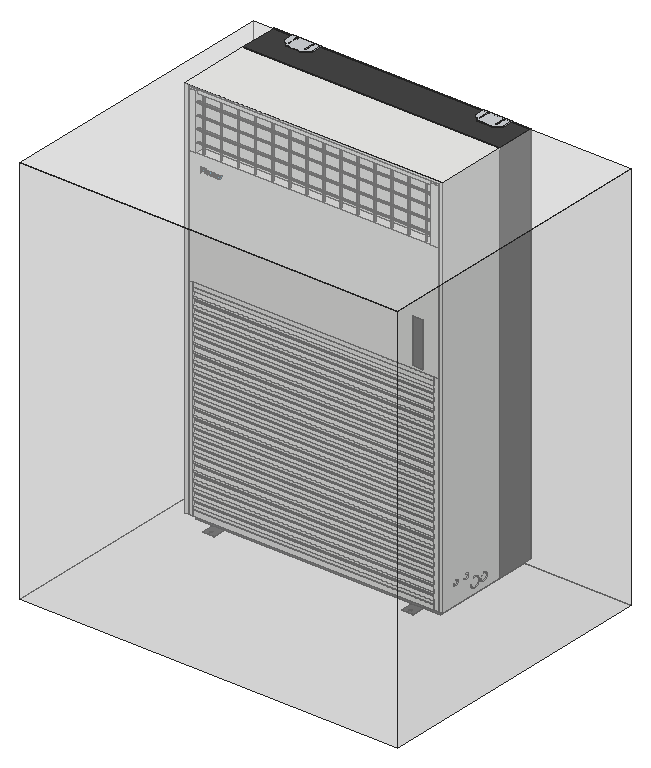
Revit family "outputfile", category 機械設備, Revit 2024
Family settings
  丸型コネクタ寸法 = 半径を使用
  パーツ タイプ = 標準
  OmniClass 番号 = 23.75.10.24.21.27.27
  OmniClass タイトル = Split System Air Conditioning Units
  作業面ベース = いいえ
  常に垂直 = はい
  ロード時にボイドで切り取り = いいえ
  注釈の向きを維持 = いいえ
  共有 = いいえ
  部屋計算ポイント = いいえ
Parameters (values of type "FVGR15PVL")
  Description = ""
  書き出し IFC クラス(タイプ) = "IfcUnitaryEquipmentType"
  定義済み IFC タイプ(タイプ) = "AIRCONDITIONINGUNIT"
  Cost = 0
  Type Comments = ""
  Keynote = ""
  Type Image = (empty or 0)
  Assembly Code = ""
  switch_frequency = yes
  lw_powersupply [instance] = if(Rear Connection_refrigerant, S + Rear_powerinput, Width / 2)  # 639.5 mm
  lw_liquidpipe [instance] = if(Rear Connection_refrigerant, S, Width / 2)  # 639.5 mm
  lw_gaspipe [instance] = if(Rear Connection_refrigerant, S + Rear_gas, Width / 2)  # 639.5 mm
  lw_drain [instance] = if(Rear Connection_refrigerant, S + Rear_drain, Width / 2)  # 639.5 mm
  lh_powersupply [instance] = if(and(Width = 1279.0 mm, Right Connection_refrigerant), 132.0 mm, if(Rear Connection_refrigerant, 83.0 mm, 82.0 mm))  # 132.0 mm
  lh_liquidpipe [instance] = if(Rear Connection_refrigerant, 83.0 mm, 132.0 mm)  # 132.0 mm
  lh_gaspipe [instance] = if(Rear Connection_refrigerant, 83.0 mm, 82.0 mm)  # 82.0 mm
  lh_drain [instance] = if(Rear Connection_refrigerant, 83.0 mm, 82.0 mm)  # 82.0 mm
  ld_powersupply [instance] = 82.0 mm  # constant formula
  ld_liquidpipe [instance] = if(Left Connection_refrigerant, 202.0 mm, 147.0 mm)  # 147.0 mm
  ld_gaspipe [instance] = 202.0 mm  # constant formula
  ld_drain [instance] = 257.0 mm  # constant formula
  l_powersupply [instance] = if(Rear Connection_refrigerant, Depth - ld_powersupply, Width / 2)  # 639.5 mm
  l_liquidpipe [instance] = if(Rear Connection_refrigerant, Depth - ld_liquidpipe, Width / 2)  # 639.5 mm
  l_gaspipe [instance] = if(Rear Connection_refrigerant, Depth - ld_gaspipe, Width / 2)  # 639.5 mm
  l_drain [instance] = if(Rear Connection_refrigerant, Depth - ld_drain, Width / 2)  # 639.5 mm
  h_mountinghole = 1.5 mm  # constant formula
  connector_voltage = Voltage_60Hz  # 220 V
  connector_powerinput = [Power Input (Cooling)]  # 14.960 kW
  connector_phase = Phase_60Hz  # 1
  URL = ""
  Rear_powerinput = if(Width = 1279.0 mm, 345.0 mm, if(Width = 1129.0 mm, 295.0 mm, 100.0 mm))  # 345.0 mm
  Rear_gas = if(Width = 959.0 mm, 300.0 mm, 100.0 mm)  # 100.0 mm
  angle_horizontal [instance] = if(Rear Connection_refrigerant, 180.00°, if(Left Connection_refrigerant, 270.00°, 90.00°))  # 90.00°
  Z = if(Width = 1279.0 mm, 50.0 mm, 0.0 mm)  # 50.0 mm
  Voltage_comment_60Hz = "220"
  Voltage_60Hz = 220 V
  S = if(or(Width = 1279.0 mm, Width = 1129.0 mm), 385.0 mm, 220.0 mm)  # 385.0 mm
  Right Connection_refrigerant [instance] = yes
  製造元 = "Daikin"
  モデル = "FVGR15PVL"
  r_Liquid Pipe Size = Liquid Pipe Size / 2  # 7.95 mm
  r_Gas Pipe Size = Gas Pipe Size / 2  # 17.45 mm
  r_Drain Pipe Size = Drain Pipe Size / 2  # 12.7 mm
  h*** = 0.0 mm  # constant formula
  Width = 1279.0 mm
  Version = "ver.1.0"
  Unit Type = "Floor Standing"
  Unit Mass Weight = 174.00 kg
  Unit Designation [instance] = ""
  Uniclass2015Version = "Products v1.30"
  Uniclass2015Title = "Split coil room air conditioning units"
  Uniclass2015Code = "Pr_70_65_03_86"
  Total Cooling Capacity [instance] = 0.000 kW
  Sound Pressure Level_M speed (dBA) = 68
  Sound Pressure Level_L speed (dBA) = 66
  Sound Pressure Level_H speed (dBA) = 69
  Sound Power Level_H speed (dB) = 0
  Series = "Package Aircon_Fan Coil Unit"
  Sensible Cooling Capacity [instance] = 0.000 kW
  Refrigerant Type = "R410A"
  Rear_drain = if(Width = 959.0 mm, 200.0 mm, 195.0 mm)  # 195.0 mm
  Rear Connection_refrigerant [instance] = no
  Power Input (Cooling) = 14.960 kW
  Phase_60Hz = 1
  Option Accessory 3 [instance] = ""
  Option Accessory 2 [instance] = ""
  Option Accessory 1 [instance] = ""
  Nominal Cooling Capacity = 44.800 kW
  Minimum External Static Pressure = 0.00 Pa
  Minimum Circuit Amps_60Hz = 0.0 A
  Minimum Airflow = 6626.00 m³/h
  Median Airflow = 6881.00 m³/h
  Maximum Fuse Amps_60Hz = 0.0 A
  Maximum External Static Pressure = 0.00 Pa
  Maximum Airflow = 7136.00 m³/h
  Material_Casing = DAIKIN_White_Casing_indoorunit
  M = if(Width = 1279.0 mm, 200.0 mm, 124.0 mm)  # 200.0 mm
  Load Classification = HVAC
  Liquid Pipe Size = 15.9 mm
  Link_Nested Family [instance] = ""
  Left Connection_refrigerant [instance] = no
  IfcVersion = ""
  IfcExportType = "AIRCONDITIONINGUNIT"
  IfcExportAs = "IfcUnitaryEquipmentType"
  Height = 1947.0 mm  # constant formula
  Heat Exchanger Type = "Cross Fin Coil"
  Gas Pipe Size = 34.9 mm
  Frequency_60Hz = 60 Hz
  Fan Type = "Sirocco Fan"
  Fan Drive = "-"
  FCU Tag No. [instance] = ""
  Drain Pipe Size = 25.4 mm
  Design Supply Airflow [instance] = 0.00 m³/h
  Design External Static Pressure [instance] = 0.00 Pa
  Depth = 550.0 mm
  既定の高さ = 0.0 mm
  Cooling Entering Wet Bulb Temperature [instance] = 0.00 °C
  Cooling Entering Dry Bulb Temperature [instance] = 0.00 °C
  Cooling Ambient Wet Bulb Temperature [instance] = 0.00 °C
  Cooling Ambient Dry Bulb Temperature [instance] = 0.00 °C
  Clearance visibility [instance] = yes
  Clearance Top = 0.0 mm
  Clearance Right [instance] = if(Right Connection_refrigerant, 500.0 mm, 100.0 mm)  # 500.0 mm
  Clearance Rear [instance] = if(Rear Connection_refrigerant, 500.0 mm, 0.0 mm)  # 0.0 mm
  Clearance Left [instance] = if(Left Connection_refrigerant, 500.0 mm, 100.0 mm)  # 100.0 mm
  Clearance Front = 900.0 mm
  Clearance Bottom = 0.0 mm
Reference planes
  plane 1: z = 0
  plane 2 "Center (Left/Right)": x = 0
  plane 3 "Center (Front/Back)": y = 157.5
  plane 4 "Front": y = -117.5
  plane 5 "Left": x = -639.5
  plane 6 "Right": x = 639.5
  plane 7 "Top": z = 1947
  plane 8: z = 1947
  plane 9: z = 0
  plane 10 "Bottom": z = 0
  plane 11 "Back": y = 432.5
  plane 12: y = 432.5
  plane 13: y = -1017.5
  plane 14: x = -739.5
  plane 15: x = 1139.5
  plane 16: z = 31
  plane 17: z = 1597
  plane 18: x = -559.5
  plane 19 "c1": x = -610
  plane 20 "c2": x = 610
  plane 21 "j2": y = 427.3
  plane 22 "j1": y = -87.7
  plane 23 "R_F": y = -35.5
  plane 24 "R_G": y = 84.5
  plane 25 "R_H": y = 139.5
  plane 26 "R_X": y = 29.5
  plane 27 "R_Y": z = 82
  plane 28 "R_Z": z = 132
  plane 29 "R_interunit wiring": z = 132
  plane 30 "M": x = 439.5
  plane 31 "S": x = -254.5
  plane 32 "背面ガス": x = -154.5
  plane 33 "背面ドレン": x = -59.5
  plane 34 "背面電源": x = 90.5
  plane 35 "lh_drain": z = 82
  plane 36 "lh_gaspipe": z = 82
  plane 37 "lh_liquidpipe": z = 132
  plane 38 "lh_powersupply": z = 132
  plane 39 "lw_liquidpipe": x = 0
  plane 40 "lw_gaspipe": x = 0
  plane 41 "lw_drain": x = 0
  plane 42 "lw_powersupply": x = 0
  plane 43 "ld_powersupply": y = -35.5
  plane 44 "ld_drain": y = 139.5
  plane 45 "ld_gaspipe": y = 84.5
  plane 46 "ld_liquidpipe": y = 29.5
Forms (mm)
  Extrusion 1, solid, material "DAIKIN_Black_logo"
    sketch origin (0, 0, 0) x (-1, 0, 0) y (0, -1, 0)
      loop
        line (639.5, -430.8) -> (639.5, -240.8) -> (-639.5, -240.8) -> (-639.5, -430.8) -> (639.5, -430.8)
    from 31 to 1947
  Extrusion 2, solid, material "DAIKIN_White_Casing_indoorunit" <- "Material_Casing"
    sketch origin (0, 0, 0) x (-1, 0, 0) y (0, -1, 0)
      loop
        line (639.5, -240.8) -> (639.5, 117.5) -> (-639.5, 117.5) -> (-639.5, -240.8) -> (639.5, -240.8)
    from 31 to 1947
  Extrusion 3, solid, material "DAIKIN_Black_logo"
    sketch origin (0, 0, 0) x (-1, 0, 0) y (0, -1, 0)
      loop
        line (639.5, -432.5) -> (639.5, -430.8) -> (-639.5, -430.8) -> (-639.5, -432.5) -> (639.5, -432.5)
    from 31 to 1071
  Extrusion 4, solid, material "DAIKIN_Black_logo"
    sketch origin (0, 0, 0) x (-1, 0, 0) y (0, -1, 0)
      loop
        line (639.5, -432.5) -> (639.5, -430.8) -> (-639.5, -430.8) -> (-639.5, -432.5) -> (639.5, -432.5)
    from 1071 to 1947
  Extrusion 5, void
    sketch origin (0, -117.5, 0) x (-1, 0, 0) y (0, 0, 1)
      loop
        line (622.5, 1939.2) -> (-622.5, 1939.2) -> (-622.5, 31) -> (622.5, 31) -> (622.5, 1939.2)
    from 0 to 50
  Extrusion 6, solid, material "DAIKIN_Black_logo"
    sketch origin (0, 0, 0) x (-1, 0, 0) y (0, -1, 0)
      loop
        line (610, -427.3) -> (610, 87.7) -> (-610, 87.7) -> (-610, -427.3) -> (610, -427.3)
    from 0 to 31
  Extrusion 7, solid, material "DAIKIN_White_Casing_indoorunit" <- "Material_Casing"
    sketch origin (639.5, 0, 0) x (0, 1, 0) y (0, 0, 1)
      loop
        circle (29.5, 132) r 12.7
      loop
        circle (29.5, 132) r 11.5
    from 0 to -2
  Extrusion 8, solid, material "DAIKIN_White_Casing_indoorunit" <- "Material_Casing"
    sketch origin (639.5, 0, 0) x (0, 1, 0) y (0, 0, 1)
      loop
        circle (84.5, 82) r 25.4
      loop
        circle (84.5, 82) r 24.2
    from 0 to -3
  Extrusion 9, solid, material "DAIKIN_White_Casing_indoorunit" <- "Material_Casing"
    sketch origin (639.5, 0, 0) x (0, 1, 0) y (0, 0, 1)
      loop
        circle (139.5, 82) r 19.05
      loop
        circle (139.5, 82) r 17.85
    from 0 to -3
  Extrusion 10, solid, material "DAIKIN_White_Casing_indoorunit" <- "Material_Casing"
    sketch origin (639.5, 0, 0) x (0, 1, 0) y (0, 0, 1)
      loop
        circle (-35.5, 132) r 12.7
      loop
        circle (-35.5, 132) r 11.5
    from 0 to -3
  Extrusion 11, solid, material "DAIKIN_White_Casing_indoorunit" <- "Material_Casing"
    sketch origin (-639.5, 0, 0) x (0, 1, 0) y (0, 0, 1)
      loop
        circle (84.5, 132) r 12.7
      loop
        circle (84.5, 132) r 11.5
    from 0 to 3
  Extrusion 12, solid, material "DAIKIN_White_Casing_indoorunit" <- "Material_Casing"
    sketch origin (-639.5, 0, 0) x (0, 1, 0) y (0, 0, 1)
      loop
        circle (84.5, 82) r 25.4
      loop
        circle (84.5, 82) r 24.2
    from 0 to 3
  Extrusion 13, solid, material "DAIKIN_White_Casing_indoorunit" <- "Material_Casing"
    sketch origin (-639.5, 0, 0) x (0, 1, 0) y (0, 0, 1)
      loop
        circle (139.5, 82) r 19.05
      loop
        circle (139.5, 82) r 17.85
    from 0 to 3
  Extrusion 14, solid, material "DAIKIN_White_Casing_indoorunit"
    sketch origin (-639.5, 0, 0) x (0, 1, 0) y (0, 0, 1)
      loop
        circle (-35.5, 82) r 12.7
      loop
        circle (-35.5, 82) r 11.5
    from 0 to 3
  Extrusion 15, solid, material "DAIKIN_White_Casing_indoorunit"
    sketch origin (0, 432.5, 0) x (-1, 0, 0) y (0, 0, 1)
      loop
        line (-439.5, 182) -> (-439.5, 82) -> (-214.5, 82) -> (-214.5, 182) -> (-439.5, 182)
    from 0 to -1.7
  Extrusion 16, solid, material "DAIKIN_White_Casing_indoorunit" <- "Material_Casing"
    sketch origin (0, 432.5, 0) x (-1, 0, 0) y (0, 0, 1)
      loop
        circle (254.5, 83) r 12.7
      loop
        circle (254.5, 83) r 11.5
    from 0 to -1.7
  Extrusion 17, solid, material "DAIKIN_White_Casing_indoorunit" <- "Material_Casing"
    sketch origin (0, 432.5, 0) x (-1, 0, 0) y (0, 0, 1)
      loop
        circle (154.5, 83) r 25.4
      loop
        circle (154.5, 83) r 24.2
    from 0 to -1.7
  Extrusion 18, solid, material "DAIKIN_White_Casing_indoorunit" <- "Material_Casing"
    sketch origin (0, 432.5, 0) x (-1, 0, 0) y (0, 0, 1)
      loop
        circle (59.5, 83) r 19.05
      loop
        circle (59.5, 83) r 17.85
    from 0 to -1.7
  Extrusion 19, solid, material "DAIKIN_White_Casing_indoorunit" <- "Material_Casing"
    sketch origin (0, 432.5, 0) x (-1, 0, 0) y (0, 0, 1)
      loop
        circle (-90.5, 83) r 12.7
      loop
        circle (-90.5, 83) r 11.473
    from 0 to -1.7
Cuts and joins
  Extrusion 5 cuts Extrusion 2
Dimensions and locks
  "h***": plane 10 "Bottom" to plane 1
  "Clearance Bottom": plane 10 "Bottom" to plane 9
  "Height": plane 7 "Top" to plane 10 "Bottom"
  "Clearance Top": plane 8 to plane 7 "Top"
  equal spacing: plane 11 "Back", plane 3 "Center (Front/Back)", plane 4 "Front"
  "Depth": plane 11 "Back" to plane 4 "Front"
  "Clearance Rear": plane 12 to plane 11 "Back"
  "Clearance Front": plane 4 "Front" to plane 13
  "Clearance Left": plane 14 to plane 5 "Left"
  "Clearance Right": plane 6 "Right" to plane 15
  equal spacing: plane 5 "Left", plane 2 "Center (Left/Right)", plane 6 "Right"
  "Width": plane 5 "Left" to plane 6 "Right"
  locked: plane 11 "Back" to Extrusion 1 sketch curve at 191.7
  locked: Extrusion 1 sketch curve to Extrusion 1 sketch curve at 190
  locked: plane 16 to plane 10 "Bottom" at 31
  Extrusion 5 sketch curve to plane 5 "Left" = 17.0 mm
  plane 6 "Right" to Extrusion 5 sketch curve = 17.0 mm
  plane 7 "Top" to Extrusion 5 sketch curve = 7.8 mm
  locked: plane 7 "Top" to plane 17 at 350
  locked: plane 18 to plane 5 "Left" at 80
  locked: plane 21 "j2" to plane 11 "Back" at 5.2
  locked: plane 4 "Front" to plane 22 "j1" at 29.8
  locked: plane 20 "c2" to plane 6 "Right" at 29.5
  locked: plane 5 "Left" to plane 19 "c1" at 29.5
  locked: plane 4 "Front" to plane 23 "R_F" at 82
  locked: plane 23 "R_F" to plane 24 "R_G" at 120
  locked: plane 24 "R_G" to plane 25 "R_H" at 55
  locked: plane 4 "Front" to plane 26 "R_X" at 147
  locked: plane 27 "R_Y" to plane 10 "Bottom" at 82
  locked: plane 28 "R_Z" to plane 27 "R_Y" at 50
  "Z": plane 29 "R_interunit wiring" to plane 27 "R_Y"
  "M": plane 6 "Right" to plane 30 "M"
  locked: Extrusion 15 sketch curve to Extrusion 15 sketch curve at 225
  locked: plane 10 "Bottom" to Extrusion 15 sketch curve at 82
  locked: Extrusion 15 sketch curve to Extrusion 15 sketch curve at 100
  "S": plane 31 "S" to plane 5 "Left"
  locked: plane 16 to Extrusion 16 sketch curve at 52  (x2)
  "Rear_gas": plane 31 "S" to plane 32 "背面ガス"
  locked: plane 16 to Extrusion 17 sketch curve at 52
  "Rear_drain": plane 33 "背面ドレン" to plane 31 "S"
  locked: plane 16 to Extrusion 18 sketch curve at 52  (x2)
  "Rear_powerinput": plane 31 "S" to plane 34 "背面電源"
  locked: plane 16 to Extrusion 19 sketch curve at 52  (x2)
  "lh_liquidpipe": plane 37 "lh_liquidpipe" to plane 10 "Bottom"
  "lh_gaspipe": plane 36 "lh_gaspipe" to plane 10 "Bottom"
  "lh_drain": plane 35 "lh_drain" to plane 10 "Bottom"
  "lh_powersupply": plane 38 "lh_powersupply" to plane 10 "Bottom"
  "lw_liquidpipe": plane 5 "Left" to plane 39 "lw_liquidpipe"
  "lw_gaspipe": plane 5 "Left" to plane 40 "lw_gaspipe"
  "lw_drain": plane 5 "Left" to plane 41 "lw_drain"
  "lw_powersupply": plane 5 "Left" to plane 42 "lw_powersupply"
  "ld_liquidpipe": plane 46 "ld_liquidpipe" to plane 4 "Front"
  "ld_gaspipe": plane 45 "ld_gaspipe" to plane 4 "Front"
  "ld_drain": plane 44 "ld_drain" to plane 4 "Front"
  "ld_powersupply": plane 43 "ld_powersupply" to plane 4 "Front"
  aligned and locked: level to plane 1
  aligned and locked: plane 8 to nested 1
  aligned and locked: plane 9 to nested 1
  aligned and locked: plane 12 to nested 1
  aligned and locked: nested 1 to plane 13
  aligned and locked: plane 14 to nested 1
  aligned and locked: plane 15 to nested 1
  aligned and locked: plane 5 "Left" to Extrusion 1 sketch curve
  aligned and locked: Extrusion 1 sketch curve to plane 6 "Right"
  aligned and locked: plane 7 "Top" to Extrusion 1
  aligned and locked: Extrusion 1 to plane 16
  aligned and locked: Extrusion 2 sketch curve to Extrusion 1
  aligned and locked: plane 5 "Left" to Extrusion 2 sketch curve
  aligned and locked: Extrusion 2 sketch curve to plane 6 "Right"
  aligned and locked: plane 4 "Front" to Extrusion 2 sketch curve
  aligned and locked: Extrusion 2 to plane 16
  aligned and locked: plane 7 "Top" to Extrusion 2
  aligned and locked: plane 5 "Left" to Extrusion 3 sketch curve
  aligned and locked: Extrusion 3 sketch curve to plane 6 "Right"
  aligned and locked: Extrusion 3 sketch curve to plane 11 "Back"
  aligned and locked: Extrusion 3 sketch curve to Extrusion 1
  aligned and locked: Extrusion 3 to plane 16
  aligned and locked: Extrusion 4 sketch curve to plane 11 "Back"
  aligned and locked: Extrusion 4 sketch curve to plane 5 "Left"
  aligned and locked: plane 6 "Right" to Extrusion 4 sketch curve
  aligned and locked: Extrusion 4 sketch curve to Extrusion 3
  aligned and locked: plane 7 "Top" to Extrusion 4
  aligned and locked: plane 4 "Front" to nested 2
  aligned and locked: plane 2 "Center (Left/Right)" to nested 2
  aligned and locked: plane 10 "Bottom" to nested 2
  aligned and locked: plane 16 to Extrusion 5 sketch curve
  aligned and locked: nested 3 to plane 4 "Front"
  aligned and locked: plane 17 to nested 3
  aligned and locked: plane 18 to nested 3
  aligned and locked: Extrusion 6 sketch curve to plane 21 "j2"
  aligned and locked: Extrusion 6 sketch curve to plane 19 "c1"
  aligned and locked: plane 20 "c2" to Extrusion 6 sketch curve
  aligned and locked: plane 22 "j1" to Extrusion 6 sketch curve
  aligned and locked: plane 16 to Extrusion 6
  aligned and locked: Extrusion 6 to plane 10 "Bottom"
  aligned and locked: nested 4 to plane 3 "Center (Front/Back)"
  aligned and locked: plane 2 "Center (Left/Right)" to nested 4
  aligned and locked: plane 10 "Bottom" to nested 4
  aligned and locked: plane 28 "R_Z" to Extrusion 7 sketch curve  (x2)
  aligned and locked: Extrusion 7 sketch curve to plane 26 "R_X"  (x2)
  aligned and locked: Extrusion 8 sketch curve to plane 24 "R_G"
  aligned and locked: plane 27 "R_Y" to Extrusion 8 sketch curve
  aligned and locked: Extrusion 9 sketch curve to plane 25 "R_H"  (x2)
  aligned and locked: plane 27 "R_Y" to Extrusion 9 sketch curve  (x2)
  aligned and locked: Extrusion 10 sketch curve to plane 23 "R_F"  (x2)
  aligned and locked: plane 29 "R_interunit wiring" to Extrusion 10 sketch curve  (x2)
  aligned and locked: plane 28 "R_Z" to Extrusion 11 sketch curve  (x2)
  aligned and locked: plane 24 "R_G" to Extrusion 11 sketch curve  (x2)
  aligned and locked: plane 24 "R_G" to Extrusion 12 sketch curve
  aligned and locked: plane 27 "R_Y" to Extrusion 12 sketch curve
  aligned and locked: plane 25 "R_H" to Extrusion 13 sketch curve  (x2)
  aligned and locked: plane 27 "R_Y" to Extrusion 13 sketch curve  (x2)
  aligned and locked: plane 23 "R_F" to Extrusion 14 sketch curve  (x2)
  aligned and locked: plane 27 "R_Y" to Extrusion 14 sketch curve  (x2)
  aligned and locked: Extrusion 15 sketch curve to plane 30 "M"
  aligned and locked: plane 31 "S" to Extrusion 16 sketch curve  (x2)
  aligned and locked: Extrusion 17 sketch curve to plane 32 "背面ガス"  (x2)
  aligned and locked: Extrusion 18 sketch curve to plane 33 "背面ドレン"  (x2)
  aligned and locked: Extrusion 19 sketch curve to plane 34 "背面電源"  (x2)
  aligned and locked: nested 10 to plane 40 "lw_gaspipe"
  aligned and locked: nested 12 to plane 42 "lw_powersupply"
  aligned and locked: nested 11 to plane 41 "lw_drain"
  aligned and locked: nested 9 to plane 39 "lw_liquidpipe"
  aligned and locked: nested 9 to plane 46 "ld_liquidpipe"
  aligned and locked: nested 10 to plane 45 "ld_gaspipe"
  aligned and locked: nested 11 to plane 44 "ld_drain"
  aligned and locked: nested 12 to plane 43 "ld_powersupply"
  aligned and locked: nested 13 to plane 11 "Back"
  aligned and locked: plane 2 "Center (Left/Right)" to nested 13
  aligned and locked: plane 7 "Top" to nested 13
Automatic sketch dimensions
  Extrusion 8 sketch curve to Extrusion 8 sketch curve = 0.0 mm  (x2)
  Extrusion 12 sketch curve to Extrusion 12 sketch curve = 0.0 mm  (x2)
  Extrusion 17 sketch curve to Extrusion 17 sketch curve = 0.0 mm
  radius of Extrusion 7 sketch curve = 12.7 mm
  radius of Extrusion 7 sketch curve = 11.5 mm
  radius of Extrusion 8 sketch curve = 25.4 mm
  radius of Extrusion 8 sketch curve = 24.2 mm
  radius of Extrusion 9 sketch curve = 19.05 mm
  radius of Extrusion 9 sketch curve = 17.85 mm
  radius of Extrusion 10 sketch curve = 12.7 mm
  radius of Extrusion 10 sketch curve = 11.5 mm
  radius of Extrusion 11 sketch curve = 12.7 mm
  radius of Extrusion 11 sketch curve = 11.5 mm
  radius of Extrusion 12 sketch curve = 25.4 mm
  radius of Extrusion 12 sketch curve = 24.2 mm
  radius of Extrusion 13 sketch curve = 19.05 mm
  radius of Extrusion 13 sketch curve = 17.85 mm
  radius of Extrusion 14 sketch curve = 12.7 mm
  radius of Extrusion 14 sketch curve = 11.5 mm
  radius of Extrusion 16 sketch curve = 12.7 mm
  radius of Extrusion 16 sketch curve = 11.5 mm
  radius of Extrusion 17 sketch curve = 25.4 mm
  radius of Extrusion 17 sketch curve = 24.2 mm
  radius of Extrusion 18 sketch curve = 19.05 mm
  radius of Extrusion 18 sketch curve = 17.85 mm
  radius of Extrusion 19 sketch curve = 12.7 mm
  radius of Extrusion 19 sketch curve = 11.473 mm
Nested families
  nested 1: "daikin_clearancespace" at (200, -292.5, 973.619), visible <- "Clearance visibility", show <- "Clearance visibility", Link_Nested Family <- "Link_Nested Family", type "daikin_clearancespace"
    with width 1879.0 mm, show yes, height 1947.0 mm, depth 1450.0 mm, Link_Nested Family ""
  nested 2: "daikin_round flow_panel" at (0, -67.5, 0), type "daikin_round flow_panel"
    with n 14, a 85.0 mm, A 1279.0 mm
  nested 3: "daikin_logo_elevation_w100" at (-494.5, -117.5, 1572), type "daikin_logo_elevation_w100"
    with show_logo yes
  nested 4: "daikin_unit monting plae" at (0, 157.5, 0), type "daikin_unit monting plae"
    with u 145.0 mm, W 550.0 mm, U 990.0 mm, A 1279.0 mm
  nested 5: "daikin_mountinghole" at (-494.5, 477.3, 0), type "daikin_mountinghole"
    with show yes, l_antenna 1946.5 mm, h_mountinghole 1.5 mm, Link_Nested Family ""
  nested 6: "daikin_mountinghole" at (-494.5, -137.7, 0), type "daikin_mountinghole"
    with show yes, l_antenna 1946.5 mm, h_mountinghole 1.5 mm, Link_Nested Family ""
  nested 7: "daikin_mountinghole" at (495.5, -137.7, 0), type "daikin_mountinghole"
    with show yes, l_antenna 1946.5 mm, h_mountinghole 1.5 mm, Link_Nested Family ""
  nested 8: "daikin_mountinghole" at (495.5, 477.3, 0), type "daikin_mountinghole"
    with show yes, l_antenna 1946.5 mm, h_mountinghole 1.5 mm, Link_Nested Family ""
  nested 9: "daikin_connector_rotate3" at (0, 29.5, 132), radius <- "r_Liquid Pipe Size", angle_horizontal <- "angle_horizontal", length <- "l_liquidpipe", type "*"
    with radius 7.95 mm, length 639.5 mm, angle_vertical 90.00°, angle_horizontal 90.00°, show_line no, show_face no
  nested 10: "daikin_connector_rotate3" at (0, 84.5, 82), radius <- "r_Gas Pipe Size", angle_horizontal <- "angle_horizontal", length <- "l_gaspipe", type "*"
    with radius 17.45 mm, length 639.5 mm, angle_vertical 90.00°, angle_horizontal 90.00°, show_line no, show_face no
  nested 11: "daikin_connector_rotate3" at (0, 139.5, 82), radius <- "r_Drain Pipe Size", angle_horizontal <- "angle_horizontal", length <- "l_drain", type "*"
    with radius 12.7 mm, length 639.5 mm, angle_vertical 90.00°, angle_horizontal 90.00°, show_line no, show_face no
  nested 12: "daikin_connector_rotate3" at (0, -35.5, 132), angle_horizontal <- "angle_horizontal", length <- "l_powersupply", type "*"
    with radius 12.7 mm, length 639.5 mm, angle_vertical 90.00°, angle_horizontal 90.00°, show_line no, show_face no
  nested 13: "daikin_wall monting plae" at (0, 432.5, 1947), type "daikin_wall monting plae"
    with U 950.0 mm, A 1279.0 mm
Connectors
  piping at (639.5, 29.5, 132), diameter 15.9, driven by "r_Liquid Pipe Size"
    settings: on nested 9, index 1, connector inside diameter 609.6 mm, connector length 0.0 mm, flow factor 0, pipe flow 0.00 m³/h, pressure drop 0.0 Pa, fitting loss kfactor 0, connector angle 0.00°, fixture units 0, engagement length 0.0 mm, angle of deflection 0.00°, flow configuration 1, flow direction 1, fitting loss method 0, system type 29, joint type 0, gender type 0, connector reference index -1, connector utility 0, adjustable connector no, is connector primary yes, connector description "Refrigerant Liquid Piping"
  piping at (639.5, 84.5, 82), diameter 34.9, driven by "r_Gas Pipe Size"
    settings: on nested 10, index 2, connector inside diameter 609.6 mm, connector length 0.0 mm, flow factor 0, pipe flow 0.00 m³/h, pressure drop 0.0 Pa, fitting loss kfactor 0, connector angle 0.00°, fixture units 0, engagement length 0.0 mm, angle of deflection 0.00°, flow configuration 1, flow direction 2, fitting loss method 0, system type 29, joint type 0, gender type 0, connector reference index -1, connector utility 0, adjustable connector no, is connector primary no, connector description "Refrigerant Gas Piping"
  piping at (639.5, 139.5, 82), diameter 25.4, driven by "r_Drain Pipe Size"
    settings: on nested 11, index 3, connector inside diameter 609.6 mm, connector length 0.0 mm, flow factor 0, pipe flow 0.00 m³/h, pressure drop 0.0 Pa, fitting loss kfactor 0, connector angle 0.00°, fixture units 0, engagement length 0.0 mm, angle of deflection 0.00°, flow configuration 1, flow direction 2, fitting loss method 4, system type 16, joint type 0, gender type 0, connector reference index -1, connector utility 0, adjustable connector no, is connector primary no, connector description "Condensate Drain Piping"
  electrical at (639.5, -35.5, 132), driven by "connector_phase", driven by "Load Classification", driven by "connector_voltage", driven by "connector_powerinput"
    settings: on nested 12, index 4, voltage 220 V, apparent load 14960 VA, apparent load phase1 0 VA, apparent load phase2 0 VA, apparent load phase3 0 VA, power factor 1, load classification "HVAC", number of poles 1, system type 30, power factor state 1, is connector primary yes, connector utility no, sub classification motor no, connector description "Power Supply"
Definition of nested family "daikin_clearancespace"
  Parameters (values of type "daikin_clearancespace")
    Description = "daikin_clearancespace"
    width [instance] = 1823.963 mm
    show [instance] = yes
    material = none
    height [instance] = 1359.762 mm
    depth [instance] = 880.0 mm
    Default Elevation = 0.0 mm
    Link_Nested Family [instance] = ""
  Reference planes
    plane 1 "Center (Front/Back)": y = 0
    plane 2 "Center (Elevation)": z = -0.119
    plane 3 "Center (Left/Right)": x = 0
    plane 4: y = 440
    plane 5: y = -440
    plane 6 "Right": x = 911.982
    plane 7 "Left": x = -911.982
    plane 8 "Top": z = 679.762
    plane 9 "Bottom": z = -680
  Forms (mm)
    Extrusion 1, solid, material <- "material", visible <- "show"
      sketch origin (0, 0, 0) x (1, 0, 0) y (0, 1, 0)
        loop
          line (-911.982, 440) -> (-911.982, -440) -> (911.982, -440) -> (911.982, 440) -> (-911.982, 440)
      from -680 to 679.762
  Lines and regions (mm)
    symbolic lines, visible <- "show"
      curve 1: line (911.982, 440, 0) -> (-911.982, 440, 0)
      curve 2: line (-911.982, 440, 0) -> (-911.982, -440, 0)
      curve 3: line (-911.982, -440, 0) -> (911.982, -440, 0)
      curve 4: line (911.982, -440, 0) -> (911.982, 440, 0)
      curve 5: line (911.982, 0, 679.762) -> (-911.982, 0, 679.762)
      curve 6: line (911.982, 0, -680) -> (911.982, 0, 679.762)
      curve 7: line (-911.982, 0, -680) -> (911.982, 0, -680)
      curve 8: line (-911.982, 0, 679.762) -> (-911.982, 0, -680)
      curve 9: line (0, 440, 679.762) -> (0, -440, 679.762)
      curve 10: line (0, -440, 679.762) -> (0, -440, -680)
      curve 11: line (0, 440, -680) -> (0, 440, 679.762)
      curve 12: line (0, -440, -680) -> (0, 440, -680)
  Dimensions and locks
    "width": plane 7 "Left" to plane 6 "Right"
    "depth": plane 4 to plane 5
    "height": plane 8 "Top" to plane 9 "Bottom"
    equal spacing: plane 7 "Left", plane 3 "Center (Left/Right)", plane 6 "Right"
    equal spacing: plane 4, plane 1 "Center (Front/Back)", plane 5
    equal spacing: plane 8 "Top", plane 2 "Center (Elevation)", plane 9 "Bottom"
    aligned and locked: level to plane 2 "Center (Elevation)"
    aligned and locked: Extrusion 1 sketch curve to plane 4
    aligned and locked: plane 7 "Left" to Extrusion 1 sketch curve
    aligned and locked: Extrusion 1 sketch curve to plane 5
    aligned and locked: Extrusion 1 sketch curve to plane 6 "Right"
    aligned and locked: plane 8 "Top" to Extrusion 1
    aligned and locked: curve 1 to Extrusion 1
    aligned and locked: curve 2 to Extrusion 1
    aligned and locked: curve 3 to Extrusion 1
    aligned and locked: curve 4 to Extrusion 1
    aligned and locked: curve 5 to Extrusion 1
    aligned and locked: curve 6 to Extrusion 1
    aligned and locked: curve 7 to Extrusion 1
    aligned and locked: curve 8 to Extrusion 1
    aligned and locked: curve 9 to Extrusion 1
    aligned and locked: curve 10 to Extrusion 1
    aligned and locked: curve 11 to Extrusion 1
    aligned and locked: curve 12 to Extrusion 1
    aligned and locked: Extrusion 1 to plane 9 "Bottom"
Definition of nested family "daikin_round flow_panel"
  Parameters (values of type "daikin_round flow_panel")
    n = if(A = 1129.0 mm, 12, if(A = 1279.0 mm, 14, 10))  # 10
    material = none
    a = if(A = 1279.0 mm, 85.0 mm, 95.0 mm)  # 95.0 mm
    E = 1071.0 mm  # constant formula
    Default Elevation = 0.0 mm
    D = 581.0 mm  # constant formula
    B = 1947.0 mm  # constant formula
    A = 959.0 mm
  Reference planes
    plane 1 "Center (Front/Back)": y = 0
    plane 2: z = 0
    plane 3 "Center (Left/Right)": x = 0
    plane 4: z = 31
    plane 5: z = 1071
    plane 6: z = 1652
    plane 7: z = 1947
    plane 8: x = -479.5
    plane 9: x = 479.5
    plane 10: y = -50
    plane 11: x = -462.5
    plane 12: x = 462.5
    plane 13: z = 1939.2
    plane 14: x = -384.5
    plane 15: y = -44
    plane 16: y = -50
    plane 17: x = -299.5
    plane 18: x = -299.5
    plane 19: y = -44
    plane 20: y = -50
    plane 21: x = -214.5
    plane 22: x = -214.5
    plane 23: y = -44
    plane 24: y = -50
    plane 25: x = -129.5
    plane 26: x = -129.5
    plane 27: y = -44
    plane 28: y = -50
    plane 29: x = -44.5
    plane 30: x = -44.5
    plane 31: y = -44
    plane 32: y = -50
    plane 33: x = 40.5
    plane 34: x = 40.5
    plane 35: y = -44
    plane 36: y = -50
    plane 37: x = 125.5
    plane 38: x = 125.5
    plane 39: y = -44
    plane 40: y = -50
    plane 41: x = 210.5
    plane 42: x = 210.5
    plane 43: y = -44
    plane 44: y = -50
    plane 45: x = 295.5
    plane 46: x = 295.5
    plane 47: y = -44
    plane 48: y = -50
    plane 49: x = 380.5
    plane 50: x = 380.5
    plane 51: y = -44
    plane 52: y = -50
    plane 53: x = 465.5
  Forms (mm)
    Extrusion 1, solid, material <- "material"
      sketch origin (0, 0, 0) x (1, 0, 0) y (0, 0, 1)
        loop
          line (-462.5, 1652) -> (-462.5, 1071) -> (462.5, 1071) -> (462.5, 1652) -> (-462.5, 1652)
        loop
          line (331.5, 1306) -> (331.5, 1084) -> (383.5, 1084) -> (383.5, 1306) -> (331.5, 1306)
      from 0 to 50
    Extrusion 2, solid
      sketch origin (0, 0, 0) x (1, 0, 0) y (0, 0, 1)
        loop
          line (331.5, 1306) -> (331.5, 1084) -> (383.5, 1084) -> (383.5, 1306) -> (331.5, 1306)
      from 0 to 50
    Extrusion 3, solid, material <- "material"
      sketch origin (0, 0, 0) x (1, 0, 0) y (0, 0, 1)
        loop
          line (-462.5, 1929.9) -> (-462.5, 1652) -> (-424.7, 1652) -> (-424.7, 1929.9) -> (-462.5, 1929.9)
        loop
          line (424.7, 1929.9) -> (424.7, 1652) -> (462.5, 1652) -> (462.5, 1929.9) -> (424.7, 1929.9)
      from 0 to 50
    Extrusion 4, solid, material <- "material"
      sketch origin (0, 0, 0) x (1, 0, 0) y (0, 0, 1)
        loop
          line (-462.5, 1939.2) -> (-462.5, 1921.2) -> (462.5, 1921.2) -> (462.5, 1939.2) -> (-462.5, 1939.2)
      from 0 to 48.3
    Extrusion 5, solid
      sketch origin (-328.229, -1524, 1652) x (-1, 0, 0) y (0, -1, 0)
        loop
          line (56.271, -1486) -> (56.271, -1480) -> (52.271, -1480) -> (52.271, -1486) -> (56.271, -1486)
      from 0 to 269.2
    Extrusion 6, solid
      sketch origin (-243.229, -1524, 1652) x (-1, 0, 0) y (0, -1, 0)
        loop
          line (56.271, -1486) -> (56.271, -1480) -> (52.271, -1480) -> (52.271, -1486) -> (56.271, -1486)
      from 0 to 269.2
    Extrusion 7, solid
      sketch origin (-158.229, -1524, 1652) x (-1, 0, 0) y (0, -1, 0)
        loop
          line (56.271, -1486) -> (56.271, -1480) -> (52.271, -1480) -> (52.271, -1486) -> (56.271, -1486)
      from 0 to 269.2
    Extrusion 8, solid
      sketch origin (-73.229, -1524, 1652) x (-1, 0, 0) y (0, -1, 0)
        loop
          line (56.271, -1486) -> (56.271, -1480) -> (52.271, -1480) -> (52.271, -1486) -> (56.271, -1486)
      from 0 to 269.2
    Extrusion 9, solid
      sketch origin (11.771, -1524, 1652) x (-1, 0, 0) y (0, -1, 0)
        loop
          line (56.271, -1486) -> (56.271, -1480) -> (52.271, -1480) -> (52.271, -1486) -> (56.271, -1486)
      from 0 to 269.2
    Extrusion 10, solid
      sketch origin (96.771, -1524, 1652) x (-1, 0, 0) y (0, -1, 0)
        loop
          line (56.271, -1486) -> (56.271, -1480) -> (52.271, -1480) -> (52.271, -1486) -> (56.271, -1486)
      from 0 to 269.2
    Extrusion 11, solid
      sketch origin (181.771, -1524, 1652) x (-1, 0, 0) y (0, -1, 0)
        loop
          line (56.271, -1486) -> (56.271, -1480) -> (52.271, -1480) -> (52.271, -1486) -> (56.271, -1486)
      from 0 to 269.2
    Extrusion 12, solid
      sketch origin (266.771, -1524, 1652) x (-1, 0, 0) y (0, -1, 0)
        loop
          line (56.271, -1486) -> (56.271, -1480) -> (52.271, -1480) -> (52.271, -1486) -> (56.271, -1486)
      from 0 to 269.2
    Extrusion 13, solid
      sketch origin (351.771, -1524, 1652) x (-1, 0, 0) y (0, -1, 0)
        loop
          line (56.271, -1486) -> (56.271, -1480) -> (52.271, -1480) -> (52.271, -1486) -> (56.271, -1486)
      from 0 to 269.2
    Extrusion 14, solid
      sketch origin (436.771, -1524, 1652) x (-1, 0, 0) y (0, -1, 0)
        loop
          line (56.271, -1486) -> (56.271, -1480) -> (52.271, -1480) -> (52.271, -1486) -> (56.271, -1486)
      from 0 to 269.2
    Extrusion 15, solid
      sketch origin (0, 0, 0) x (0, 1, 0) y (0, 0, 1)
        loop
          line (-48.3, 1700.201) -> (-48.3, 1697.519) -> (-44, 1693.61) -> (-44, 1704.11) -> (-48.3, 1700.201)
        loop
          line (-48.3, 1760.201) -> (-48.3, 1757.519) -> (-44, 1753.61) -> (-44, 1764.11) -> (-48.3, 1760.201)
        loop
          line (-48.3, 1820.201) -> (-48.3, 1817.519) -> (-44, 1813.61) -> (-44, 1824.11) -> (-48.3, 1820.201)
        loop
          line (-48.3, 1880.201) -> (-48.3, 1877.519) -> (-44, 1873.61) -> (-44, 1884.11) -> (-48.3, 1880.201)
      from -424.7 to 424.7
    Extrusion 16, solid, material <- "material"
      sketch origin (0, 0, 0) x (1, 0, 0) y (0, 0, 1)
        loop
          line (-462.5, 1071) -> (-462.5, 31) -> (-439.5, 31) -> (-439.5, 1071) -> (-462.5, 1071)
        loop
          line (462.5, 1071) -> (439.5, 1071) -> (439.5, 31) -> (462.5, 31) -> (462.5, 1071)
      from 0 to 50
    Extrusion 17, solid, material <- "material"
      sketch origin (0, 0, 0) x (1, 0, 0) y (0, 0, 1)
        loop
          line (-439.5, 1071) -> (-439.5, 1052.4) -> (439.5, 1052.4) -> (439.5, 1071) -> (-439.5, 1071)
        loop
          line (-439.5, 55) -> (-439.5, 31) -> (439.5, 31) -> (439.5, 55) -> (-439.5, 55)
      from 0 to 50
    Extrusion 18, solid, material <- "material"
      sketch origin (0, 0, 0) x (1, 0, 0) y (0, 1, 0)
        loop
          line (-20, -44) -> (0, -44) -> (0, -38) -> (-20, -38) -> (-20, -44)
      from 55 to 1052.4
    Extrusion 19, solid, material <- "material"
      sketch origin (0, 0, 0) x (1, 0, 0) y (0, 1, 0)
        loop
          line (0, -38) -> (0, -44) -> (20, -44) -> (20, -38) -> (0, -38)
      from 55 to 1052.4
    Extrusion 20, solid, material <- "material"
      sketch origin (4267.2, -50, 94) x (0, 0, 1) y (1, 0, 0)
        loop
          line (958.4, -4706.7) -> (958.4, -3827.7) -> (936.9, -3827.7) -> (936.9, -4706.7) -> (958.4, -4706.7)
      from 6 to 0
    Extrusion 21, solid, material <- "material"
      sketch origin (0, 0, 0) x (0, 1, 0) y (0, 0, 1)
        loop
          line (-47, 93.8) -> (-47, 90.8) -> (-50, 73) -> (-50, 61) -> (-44, 61) -> (-44, 93.8) -> (-47, 93.8)
        loop
          line (-47, 134.6) -> (-47, 131.6) -> (-50, 113.8) -> (-50, 101.8) -> (-44, 101.8) -> (-44, 134.6) -> (-47, 134.6)
        loop
          line (-47, 175.4) -> (-47, 172.4) -> (-50, 154.6) -> (-50, 142.6) -> (-44, 142.6) -> (-44, 175.4) -> (-47, 175.4)
        loop
          line (-47, 216.2) -> (-47, 213.2) -> (-50, 195.4) -> (-50, 183.4) -> (-44, 183.4) -> (-44, 216.2) -> (-47, 216.2)
        loop
          line (-47, 257) -> (-47, 254) -> (-50, 236.2) -> (-50, 224.2) -> (-44, 224.2) -> (-44, 257) -> (-47, 257)
        loop
          line (-47, 297.8) -> (-47, 294.8) -> (-50, 277) -> (-50, 265) -> (-44, 265) -> (-44, 297.8) -> (-47, 297.8)
        loop
          line (-47, 338.6) -> (-47, 335.6) -> (-50, 317.8) -> (-50, 305.8) -> (-44, 305.8) -> (-44, 338.6) -> (-47, 338.6)
        loop
          line (-47, 379.4) -> (-47, 376.4) -> (-50, 358.6) -> (-50, 346.6) -> (-44, 346.6) -> (-44, 379.4) -> (-47, 379.4)
        loop
          line (-47, 420.2) -> (-47, 417.2) -> (-50, 399.4) -> (-50, 387.4) -> (-44, 387.4) -> (-44, 420.2) -> (-47, 420.2)
        loop
          line (-47, 461) -> (-47, 458) -> (-50, 440.2) -> (-50, 428.2) -> (-44, 428.2) -> (-44, 461) -> (-47, 461)
        loop
          line (-47, 501.8) -> (-47, 498.8) -> (-50, 481) -> (-50, 469) -> (-44, 469) -> (-44, 501.8) -> (-47, 501.8)
        loop
          line (-47, 542.6) -> (-47, 539.6) -> (-50, 521.8) -> (-50, 509.8) -> (-44, 509.8) -> (-44, 542.6) -> (-47, 542.6)
        loop
          line (-47, 583.4) -> (-47, 580.4) -> (-50, 562.6) -> (-50, 550.6) -> (-44, 550.6) -> (-44, 583.4) -> (-47, 583.4)
        loop
          line (-47, 624.2) -> (-47, 621.2) -> (-50, 603.4) -> (-50, 591.4) -> (-44, 591.4) -> (-44, 624.2) -> (-47, 624.2)
        loop
          line (-47, 665) -> (-47, 662) -> (-50, 644.2) -> (-50, 632.2) -> (-44, 632.2) -> (-44, 665) -> (-47, 665)
        loop
          line (-47, 705.8) -> (-47, 702.8) -> (-50, 685) -> (-50, 673) -> (-44, 673) -> (-44, 705.8) -> (-47, 705.8)
        loop
          line (-47, 746.6) -> (-47, 743.6) -> (-50, 725.8) -> (-50, 713.8) -> (-44, 713.8) -> (-44, 746.6) -> (-47, 746.6)
        loop
          line (-47, 787.4) -> (-47, 784.4) -> (-50, 766.6) -> (-50, 754.6) -> (-44, 754.6) -> (-44, 787.4) -> (-47, 787.4)
        loop
          line (-47, 828.2) -> (-47, 825.2) -> (-50, 807.4) -> (-50, 795.4) -> (-44, 795.4) -> (-44, 828.2) -> (-47, 828.2)
        loop
          line (-47, 869) -> (-47, 866) -> (-50, 848.2) -> (-50, 836.2) -> (-44, 836.2) -> (-44, 869) -> (-47, 869)
        loop
          line (-47, 909.8) -> (-47, 906.8) -> (-50, 889) -> (-50, 877) -> (-44, 877) -> (-44, 909.8) -> (-47, 909.8)
        loop
          line (-47, 950.6) -> (-47, 947.6) -> (-50, 929.8) -> (-50, 917.8) -> (-44, 917.8) -> (-44, 950.6) -> (-47, 950.6)
        loop
          line (-47, 991.4) -> (-47, 988.4) -> (-50, 970.6) -> (-50, 958.6) -> (-44, 958.6) -> (-44, 991.4) -> (-47, 991.4)
        loop
          line (-47, 1032.2) -> (-47, 1029.2) -> (-50, 1011.4) -> (-50, 999.4) -> (-44, 999.4) -> (-44, 1032.2) -> (-47, 1032.2)
      from -439.5 to 439.5
  Dimensions and locks
    "E": plane 5 to level
    "D": plane 6 to plane 5
    "B": plane 7 to level
    equal spacing: plane 9, plane 3 "Center (Left/Right)", plane 8
    "A": plane 9 to plane 8
    locked: plane 10 to plane 1 "Center (Front/Back)" at 50
    locked: plane 11 to plane 8 at 17
    locked: plane 9 to plane 12 at 17
    locked: plane 4 to plane 2 at 31
    locked: Extrusion 1 sketch curve to plane 2 at 1084
    locked: Extrusion 1 sketch curve to plane 9 at 96
    locked: Extrusion 1 sketch curve to Extrusion 1 sketch curve at 222
    locked: Extrusion 1 sketch curve to Extrusion 1 sketch curve at 52
    locked: plane 7 to plane 13 at 7.8
    locked: Extrusion 3 sketch curve to Extrusion 3 sketch curve at 37.8  (x2)
    locked: Extrusion 3 sketch curve to plane 6 at 277.9
    locked: Extrusion 3 sketch curve to Extrusion 3 sketch curve at 277.9
    locked: Extrusion 4 sketch curve to Extrusion 4 sketch curve at 18
    "a": plane 8 to plane 14
    locked: plane 15 to plane 16 at 6
    locked: Extrusion 5 sketch curve to Extrusion 5 sketch curve at 4
    locked: Extrusion 5 sketch curve to Extrusion 5 sketch curve at 6
    locked: plane 19 to plane 20 at 6
    locked: Extrusion 6 sketch curve to Extrusion 6 sketch curve at 4
    locked: Extrusion 6 sketch curve to Extrusion 6 sketch curve at 6
    equal spacing: group 1, group 2, group 3, group 4, group 5, group 6, group 7, group 8, group 9, group 10  (x3)
    locked: plane 14 to plane 18 at 85
    locked: plane 23 to plane 24 at 6
    locked: Extrusion 7 sketch curve to Extrusion 7 sketch curve at 4
    locked: Extrusion 7 sketch curve to Extrusion 7 sketch curve at 6
    locked: plane 27 to plane 28 at 6
    locked: Extrusion 8 sketch curve to Extrusion 8 sketch curve at 4
    locked: Extrusion 8 sketch curve to Extrusion 8 sketch curve at 6
    locked: plane 31 to plane 32 at 6
    locked: Extrusion 9 sketch curve to Extrusion 9 sketch curve at 4
    locked: Extrusion 9 sketch curve to Extrusion 9 sketch curve at 6
    locked: plane 35 to plane 36 at 6
    locked: Extrusion 10 sketch curve to Extrusion 10 sketch curve at 4
    locked: Extrusion 10 sketch curve to Extrusion 10 sketch curve at 6
    locked: plane 39 to plane 40 at 6
    locked: Extrusion 11 sketch curve to Extrusion 11 sketch curve at 4
    locked: Extrusion 11 sketch curve to Extrusion 11 sketch curve at 6
    locked: plane 43 to plane 44 at 6
    locked: Extrusion 12 sketch curve to Extrusion 12 sketch curve at 4
    locked: Extrusion 12 sketch curve to Extrusion 12 sketch curve at 6
    locked: plane 47 to plane 48 at 6
    locked: Extrusion 13 sketch curve to Extrusion 13 sketch curve at 4
    locked: Extrusion 13 sketch curve to Extrusion 13 sketch curve at 6
    locked: plane 51 to plane 52 at 6
    locked: Extrusion 14 sketch curve to Extrusion 14 sketch curve at 4
    locked: Extrusion 14 sketch curve to Extrusion 14 sketch curve at 6
    plane 18 to plane 22 to plane 26 to plane 30 to plane 34 to plane 38 to plane 42 to plane 46 to plane 50 = 85.0 mm locked, 85.0 mm locked, 85.0 mm locked, 85.0 mm locked, 85.0 mm locked, 85.0 mm locked, 85.0 mm locked, 85.0 mm locked
    locked: Extrusion 15 sketch curve to plane 6 at 52.11
    locked: Extrusion 15 sketch curve to Extrusion 15 sketch curve at 2.682  (x4)
    locked: Extrusion 15 sketch curve to Extrusion 15 sketch curve at 10.5  (x4)
    locked: Extrusion 15 sketch curve to Extrusion 15 sketch curve at 60  (x3)
    locked: Extrusion 16 sketch curve to Extrusion 16 sketch curve at 23  (x2)
    locked: Extrusion 17 sketch curve to plane 11 at 23
    locked: plane 12 to Extrusion 17 sketch curve at 23
    locked: plane 5 to Extrusion 17 sketch curve at 18.6
    locked: Extrusion 17 sketch curve to plane 4 at 24
    locked: Extrusion 18 sketch curve to Extrusion 18 sketch curve at 20
    Extrusion 18 sketch curve to Extrusion 18 sketch curve to plane 10 = 6.0 mm locked, 6.0 mm locked
    locked: Extrusion 19 sketch curve to Extrusion 19 sketch curve at 20
    Extrusion 19 sketch curve to Extrusion 19 sketch curve to plane 10 = 6.0 mm locked, 6.0 mm locked
    locked: Extrusion 20 sketch curve to Extrusion 20 sketch curve at 21.5
    locked: Extrusion 20 sketch curve to plane 8 at 40
    locked: plane 9 to Extrusion 20 sketch curve at 40
    locked: plane 5 to Extrusion 20 sketch curve at 18.6
    locked: Extrusion 21 sketch curve to plane 2 at 61
    locked: Extrusion 21 sketch curve to Extrusion 21 sketch curve at 32.8  (x24)
    locked: Extrusion 21 sketch curve to Extrusion 21 sketch curve at 12  (x24)
    locked: plane 10 to Extrusion 21 sketch curve at 6  (x24)
    locked: plane 10 to Extrusion 21 sketch curve at 3  (x24)
    locked: Extrusion 21 sketch curve to Extrusion 21 sketch curve at 3  (x24)
    aligned and locked: level to plane 2
    aligned and locked: Extrusion 1 sketch curve to plane 6
    aligned and locked: plane 11 to Extrusion 1 sketch curve
    aligned and locked: plane 5 to Extrusion 1 sketch curve
    aligned and locked: Extrusion 1 sketch curve to plane 12
    aligned and locked: Extrusion 1 to plane 1 "Center (Front/Back)"
    aligned and locked: Extrusion 1 to plane 10
    aligned and locked: Extrusion 2 sketch curve to Extrusion 1  (x4)
    aligned and locked: Extrusion 2 to plane 1 "Center (Front/Back)"
    aligned and locked: Extrusion 2 to plane 10
    aligned and locked: plane 11 to Extrusion 3 sketch curve
    aligned and locked: plane 6 to Extrusion 3 sketch curve  (x2)
    aligned and locked: Extrusion 3 sketch curve to plane 12
    aligned and locked: Extrusion 3 to plane 1 "Center (Front/Back)"
    aligned and locked: Extrusion 3 to plane 10
    aligned and locked: Extrusion 4 sketch curve to plane 13
    aligned and locked: plane 11 to Extrusion 4 sketch curve
    aligned and locked: Extrusion 4 sketch curve to plane 12
    aligned and locked: Extrusion 4 to plane 1 "Center (Front/Back)"
    aligned and locked: Extrusion 5 to plane 6
    aligned and locked: Extrusion 5 to Extrusion 4
    aligned and locked: plane 14 to Extrusion 5 sketch curve
    aligned and locked: plane 18 to Extrusion 6 sketch curve
    aligned and locked: plane 22 to Extrusion 7 sketch curve
    aligned and locked: plane 26 to Extrusion 8 sketch curve
    aligned and locked: plane 30 to Extrusion 9 sketch curve
    aligned and locked: plane 34 to Extrusion 10 sketch curve
    aligned and locked: plane 38 to Extrusion 11 sketch curve
    aligned and locked: plane 42 to Extrusion 12 sketch curve
    aligned and locked: plane 46 to Extrusion 13 sketch curve
    aligned and locked: plane 50 to Extrusion 14 sketch curve
    aligned and locked: Extrusion 14 to Extrusion 15 sketch curve
    aligned and locked: Extrusion 4 to Extrusion 15 sketch curve
    aligned and locked: Extrusion 15 to Extrusion 3  (x2)
    aligned and locked: Extrusion 16 sketch curve to plane 5
    aligned and locked: plane 5 to Extrusion 16 sketch curve
    aligned and locked: plane 4 to Extrusion 16 sketch curve
    aligned and locked: Extrusion 16 sketch curve to plane 4
    aligned and locked: plane 12 to Extrusion 16 sketch curve
    aligned and locked: plane 11 to Extrusion 16 sketch curve
    aligned and locked: Extrusion 16 to plane 10
    aligned and locked: Extrusion 17 sketch curve to Extrusion 17 sketch curve  (x2)
    aligned and locked: Extrusion 17 sketch curve to plane 5
    aligned and locked: plane 4 to Extrusion 17 sketch curve
    aligned and locked: Extrusion 17 to plane 1 "Center (Front/Back)"
    aligned and locked: Extrusion 17 to plane 10
    aligned and locked: Extrusion 18 sketch curve to plane 3 "Center (Left/Right)"
    aligned and locked: Extrusion 18 to Extrusion 17  (x2)
    aligned and locked: plane 3 "Center (Left/Right)" to Extrusion 19 sketch curve
    aligned and locked: Extrusion 19 to Extrusion 17  (x2)
    aligned and locked: Extrusion 20 to plane 10
    aligned and locked: plane 10 to Extrusion 21 sketch curve  (x24)
    aligned and locked: Extrusion 21 to Extrusion 16  (x2)
  Automatic sketch dimensions
    Extrusion 5 sketch curve to plane 15 = 0.0 mm
    Extrusion 6 sketch curve to plane 19 = 0.0 mm
    Extrusion 7 sketch curve to plane 23 = 0.0 mm
    Extrusion 8 sketch curve to plane 27 = 0.0 mm
    Extrusion 9 sketch curve to plane 31 = 0.0 mm
    Extrusion 10 sketch curve to plane 35 = 0.0 mm
    Extrusion 11 sketch curve to plane 39 = 0.0 mm
    Extrusion 12 sketch curve to plane 43 = 0.0 mm
    Extrusion 13 sketch curve to plane 47 = 0.0 mm
    Extrusion 14 sketch curve to plane 51 = 0.0 mm
    plane 10 to Extrusion 15 sketch curve = 1.7 mm  (x3)
    Extrusion 15 sketch curve to Extrusion 15 sketch curve = 4.3 mm  (x3)
    Extrusion 15 sketch curve to Extrusion 15 sketch curve = 3.909 mm  (x4)
    Extrusion 21 sketch curve to Extrusion 21 sketch curve = 8.0 mm  (x23)
Definition of nested family "daikin_logo_elevation_w100"
  Parameters (values of type "daikin_logo_elevation_w100")
    width = 100.0 mm
    show_logo [instance] = yes
    material = none
    height = 25.0 mm
    depth = 5.0 mm
    Default Elevation = 0.0 mm
  Reference planes
    plane 1 "Center (Front/Back)": y = 0
    plane 2: z = 0
    plane 3 "Center (Left/Right)": x = -15
    plane 4 "left": x = -65
    plane 5 "right": x = 35
    plane 6: y = -5
    plane 7: z = 25
  Forms (mm)
    Extrusion 1, solid
      sketch origin (0, 0, 0) x (1, 0, 0) y (0, 0, 1)
        loop
          line (-65, 25) -> (-65, 14.753) -> (-53.814, 25) -> (-65, 25)
      from 0 to 5
    Extrusion 2, solid
      sketch origin (0, 0, 0) x (1, 0, 0) y (0, 0, 1)
        loop
          line (-42.019, 25) -> (-53.814, 25) -> (-65, 14.753) -> (-65, 3.87) -> (-42.019, 25)
      from 0 to 5
    Extrusion 3, solid
      sketch origin (0, 0, 0) x (1, 0, 0) y (0, 0, 1)
        loop
          line (-35.602, 20.041) -> (-41.486, 20.041) -> (-44.428, 8.274) -> (-35.602, 8.274)
          arc (-35.602, 8.274) -> (-32.105, 8.983) -> (-29.415, 11.329) r 6.978
          arc (-29.415, 11.329) -> (-28.233, 14.382) -> (-28.637, 17.63) r 6.701
          arc (-28.637, 17.63) -> (-29.469, 18.814) -> (-30.709, 19.559) r 3.49
          arc (-30.709, 19.559) -> (-33.138, 19.976) -> (-35.602, 20.041) r 17.114
        loop
          line (-38.544, 10.627) -> (-36.191, 10.627)
          arc (-36.191, 10.627) -> (-34.383, 11.838) -> (-33.335, 13.745) r 4.6
          arc (-33.335, 13.745) -> (-33.193, 15.202) -> (-33.538, 16.625) r 4.404
          arc (-33.538, 16.625) -> (-34.051, 17.128) -> (-34.72, 17.393) r 1.818
          line (-34.72, 17.393) -> (-37.073, 17.393) -> (-38.544, 10.627)
        loop
          line (-29.13, 8.274) -> (-25.894, 8.274) -> (-24.791, 10.333) -> (-20.158, 10.333) -> (-19.717, 8.274) -> (-14.422, 8.274) -> (-16.775, 20.041) -> (-22.659, 20.041) -> (-29.13, 8.274)
        loop
          line (-23.373, 12.98) -> (-20.725, 12.98) -> (-21.482, 16.511) -> (-23.373, 12.98)
        loop
          line (-10.009, 20.041) -> (-12.951, 8.274) -> (-7.95, 8.274) -> (-5.008, 20.041) -> (-10.009, 20.041)
        loop
          line (-5.008, 8.274) -> (-0.007, 8.274) -> (0.792, 11.472) -> (3.229, 8.274) -> (9.407, 8.274) -> (4.7, 14.451) -> (11.466, 20.041) -> (6.171, 20.041) -> (2.093, 16.672) -> (2.935, 20.041) -> (-2.066, 20.041) -> (-5.008, 8.274)
        loop
          line (10.583, 8.274) -> (15.879, 8.274) -> (18.82, 20.041) -> (13.819, 20.041) -> (10.583, 8.274)
        loop
          line (18.82, 8.274) -> (22.35, 8.274) -> (24.013, 14.925) -> (26.175, 8.274) -> (32.058, 8.274) -> (35, 20.041) -> (31.47, 20.041) -> (29.679, 12.878) -> (27.351, 20.041) -> (21.762, 20.041) -> (18.82, 8.274)
      from 0 to 5
  Lines and regions (mm)
    model lines
      curve 1: line (-42.019, 0, 25) -> (-52.024, 0, 25)
      curve 2: line (-52.024, 0, 25) -> (-65, 0, 13.114)
      curve 3: line (-65, 0, 13.114) -> (-65, 0, 3.87)
      curve 4: line (-65, 0, 3.87) -> (-42.019, 0, 25)
      curve 5: line (-65, 0, 14.753) -> (-65, 0, 25)
      curve 6: line (-65, 0, 25) -> (-53.814, 0, 25)
      curve 7: line (-53.814, 0, 25) -> (-65, 0, 14.753)
      curve 8: line (-20.725, 0, 12.98) -> (-23.373, 0, 12.98)
      curve 9: line (-23.373, 0, 12.98) -> (-21.482, 0, 16.511)
      curve 10: line (-21.482, 0, 16.511) -> (-20.725, 0, 12.98)
      curve 11: line (-19.717, 0, 8.274) -> (-20.158, 0, 10.333)
      curve 12: line (-20.158, 0, 10.333) -> (-24.791, 0, 10.333)
      curve 13: line (-24.791, 0, 10.333) -> (-25.894, 0, 8.274)
      curve 14: line (-25.894, 0, 8.274) -> (-29.13, 0, 8.274)
      curve 15: line (-29.13, 0, 8.274) -> (-22.659, 0, 20.041)
      curve 16: line (-22.659, 0, 20.041) -> (-16.775, 0, 20.041)
      curve 17: line (-36.191, 0, 10.627) -> (-38.544, 0, 10.627)
      curve 18: line (-38.544, 0, 10.627) -> (-37.073, 0, 17.393)
      curve 19: line (-37.073, 0, 17.393) -> (-34.72, 0, 17.393)
      curve 20: line (-5.008, 0, 20.041) -> (-10.009, 0, 20.041)
      curve 21: line (-10.009, 0, 20.041) -> (-12.951, 0, 8.274)
      curve 22: line (-12.951, 0, 8.274) -> (-7.95, 0, 8.274)
      curve 23: line (-7.95, 0, 8.274) -> (-5.008, 0, 20.041)
      curve 24: line (24.013, 0, 14.925) -> (22.35, 0, 8.274)
      curve 25: line (22.35, 0, 8.274) -> (18.82, 0, 8.274)
      curve 26: line (18.82, 0, 8.274) -> (21.762, 0, 20.041)
      curve 27: line (21.762, 0, 20.041) -> (27.351, 0, 20.041)
      curve 28: line (27.351, 0, 20.041) -> (29.679, 0, 12.878)
      curve 29: line (29.679, 0, 12.878) -> (31.47, 0, 20.041)
      curve 30: line (31.47, 0, 20.041) -> (35, 0, 20.041)
      curve 31: line (35, 0, 20.041) -> (32.058, 0, 8.274)
      curve 32: line (32.058, 0, 8.274) -> (26.175, 0, 8.274)
      curve 33: line (26.175, 0, 8.274) -> (24.013, 0, 14.925)
      curve 34: line (-16.775, 0, 20.041) -> (-14.422, 0, 8.274)
      curve 35: line (-14.422, 0, 8.274) -> (-19.717, 0, 8.274)
      curve 36: line (-35.602, 0, 20.041) -> (-41.486, 0, 20.041)
      curve 37: line (-41.486, 0, 20.041) -> (-44.428, 0, 8.274)
      curve 38: line (-44.428, 0, 8.274) -> (-35.602, 0, 8.274)
      curve 39: line (10.583, 0, 8.274) -> (15.879, 0, 8.274)
      curve 40: line (15.879, 0, 8.274) -> (18.82, 0, 20.041)
      curve 41: line (18.82, 0, 20.041) -> (13.819, 0, 20.041)
      curve 42: line (13.819, 0, 20.041) -> (10.583, 0, 8.274)
      curve 43: line (3.229, 0, 8.274) -> (0.792, 0, 11.472)
      curve 44: line (0.792, 0, 11.472) -> (-0.007, 0, 8.274)
      curve 45: line (-0.007, 0, 8.274) -> (-5.008, 0, 8.274)
      curve 46: line (-5.008, 0, 8.274) -> (-2.066, 0, 20.041)
      curve 47: line (-2.066, 0, 20.041) -> (2.935, 0, 20.041)
      curve 48: line (2.935, 0, 20.041) -> (2.093, 0, 16.672)
      curve 49: line (2.093, 0, 16.672) -> (6.171, 0, 20.041)
      curve 50: line (6.171, 0, 20.041) -> (11.466, 0, 20.041)
      curve 51: line (11.466, 0, 20.041) -> (4.7, 0, 14.451)
      curve 52: line (4.7, 0, 14.451) -> (9.407, 0, 8.274)
      curve 53: line (9.407, 0, 8.274) -> (3.229, 0, 8.274)
      curve 54: arc (-36.191, 0, 10.627) -> (-34.383, 0, 11.838) -> (-33.335, 0, 13.745) r 4.6
      curve 55: arc (-33.335, 0, 13.745) -> (-33.193, 0, 15.202) -> (-33.538, 0, 16.625) r 4.404
      curve 56: arc (-33.538, 0, 16.625) -> (-34.051, 0, 17.128) -> (-34.72, 0, 17.393) r 1.818
      curve 57: arc (-35.602, 0, 8.274) -> (-32.105, 0, 8.983) -> (-29.415, 0, 11.329) r 6.978
      curve 58: arc (-29.415, 0, 11.329) -> (-28.233, 0, 14.382) -> (-28.637, 0, 17.63) r 6.701
      curve 59: arc (-28.637, 0, 17.63) -> (-29.469, 0, 18.814) -> (-30.709, 0, 19.559) r 3.49
      curve 60: arc (-30.709, 0, 19.559) -> (-33.138, 0, 19.976) -> (-35.602, 0, 20.041) r 17.114
  Dimensions and locks
    "width": plane 4 "left" to plane 5 "right"
    "depth": plane 6 to plane 1 "Center (Front/Back)"
    equal spacing: plane 4 "left", plane 3 "Center (Left/Right)", plane 5 "right"
    "height": plane 7 to plane 2
    aligned and locked: level to plane 2
    aligned and locked: Extrusion 1 sketch curve to plane 4 "left"
    aligned and locked: Extrusion 1 sketch curve to plane 7
    aligned and locked: plane 7 to Extrusion 2 sketch curve
    aligned and locked: plane 4 "left" to Extrusion 2 sketch curve
  Automatic sketch dimensions
    plane 4 "left" to curve 5 = 0.0 mm
    plane 4 "left" to curve 2 = 0.0 mm
    curve 30 to plane 5 "right" = 0.0 mm
    curve 5 to curve 6 = 11.186 mm
    curve 6 to curve 2 = 1.79 mm
    curve 2 to curve 37 = 7.597 mm
    curve 2 to curve 1 = 10.005 mm
    curve 1 to curve 37 = 0.534 mm
    curve 37 to curve 18 = 5.884 mm
    curve 17 to curve 54 = 0.769 mm
    curve 54 to curve 55 = 0.188 mm
    curve 54 to curve 19 = 0.702 mm
    curve 17 to curve 17 = 2.353 mm
    curve 18 to curve 36 = 1.471 mm
    curve 17 to curve 38 = 0.588 mm
    curve 55 to curve 57 = 2.392 mm
    curve 57 to curve 56 = 0.152 mm
    curve 57 to curve 58 = 0.311 mm
    curve 57 to curve 60 = 0.787 mm
    curve 56 to curve 19 = 0.322 mm
    curve 19 to curve 59 = 2.873 mm
    curve 57 to curve 15 = 6.472 mm
    curve 14 to curve 13 = 3.236 mm
    curve 13 to curve 13 = 1.103 mm
    curve 12 to curve 8 = 1.418 mm
    curve 8 to curve 16 = 0.714 mm
    curve 15 to curve 10 = 1.177 mm
    curve 8 to curve 10 = 2.648 mm
    curve 8 to curve 12 = 0.567 mm
    curve 11 to curve 35 = 0.441 mm
    curve 16 to plane 3 "Center (Left/Right)" = 1.775 mm
    plane 3 "Center (Left/Right)" to curve 35 = 0.578 mm
    curve 34 to curve 21 = 1.471 mm
    plane 3 "Center (Left/Right)" to curve 21 = 4.991 mm
    curve 21 to curve 23 = 5.001 mm
